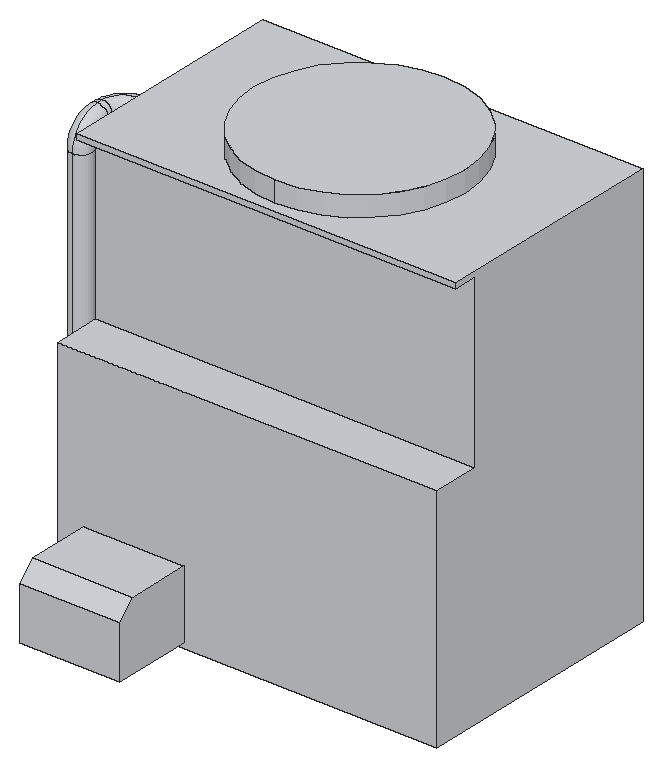
Revit family "M_冷卻塔 - 閉合電路 - 逆流 - 11-62 kW", category Attrezzatura meccanica, Revit 2017
Family settings
  Quota connettore circolare = Usa raggio
  Tipo di parte = Normale
  Numero OmniClass = 23.75.10.37.11
  Titolo OmniClass = Mechanical-Draft Cooling Towers
  Basato su piano di lavoro = No
  Sempre verticale = Sì
  Taglio con vuoti quando caricato = No
  Condiviso = No
  Punto di calcolo locali = No
Parameters (values of type "11 kW")
  電壓 = 460 V
  可見 2 = no
  可見 1 = yes
  塔材料 = none
  塔長度 = 1825 mm
  塔高度 = 2050 mm
  補給水壓力降 [instance] = 0.0 Pa
  負載分類 = 冷卻
  冷卻水壓力降 [instance] = 138000.0 Pa
  極數 = 3
  風機數 = 1
  馬達長度 = 385 mm
  馬達 HP = 5.75
  補給水流量 [instance] = 0.05 * 冷卻水流量 / 100  # 0.003785 L/s
  補給水半徑 = 25 mm
  補給水直徑 = 2 * 補給水半徑  # 50 mm
  長度 2 = 塔長度 / 3  # 608.333 mm
  長度 1 = 330 mm
  熱損失 [instance] = 10800 W
  風機風量 [instance] = 5710.0 L/s
  排水管半徑 = 50 mm
  排水管直徑 = 排水管半徑 * 2  # 100 mm
  距離 1 = 300 mm
  冷卻水半徑 = 冷卻水直徑 / 2  # 50 mm
  冷卻水流量 [instance] = 7.57 L/s
  冷卻水直徑 = 100 mm
  C1 偏移 1 = 580 mm
  表面負載 = 3600 VA
Types (14, lengths in mm): name | 可見 2 | 可見 1 | 塔長度 | 塔高度 | 冷卻水壓力降 | 風機數 | 馬達長度 | 馬達 HP | 補給水流量 | 長度 2 | 長度 1 | 熱損失 | 風機風量 | 距離 1 | 冷卻水流量 | C1 偏移 1 | 表面負載
  (no name) | no | yes | 1825 | 2050 | 138000.0 Pa | 1 | 385 | 5.75 | 0.003785 L/s | 608.333 | 330 | 10800 W | 5710.0 L/s | 300 | 7.57 L/s | 580 | 3600 VA
  27 kW | yes | no | 2720 | 2430 | 172000.0 Pa | 2 | 380 | 11 | 0.0057 L/s | 906.667 | 330 | 27000 W | 9060.0 L/s | 495 | 11.4 L/s | 580 | 6890 VA
  30 kW | yes | no | 3650 | 2240 | 207000.0 Pa | 2 | 485 | 11.5 | 0.00775 L/s | 1216.667 | 380 | 30200 W | 11200.0 L/s | 495 | 15.5 L/s | 580 | 7200 VA
  31 kW | yes | no | 2720 | 2620 | 172000.0 Pa | 2 | 380 | 11 | 0.0057 L/s | 906.667 | 330 | 30500 W | 8870.0 L/s | 495 | 11.4 L/s | 580 | 6890 VA
  36 kW | yes | no | 3650 | 2430 | 207000.0 Pa | 2 | 485 | 16.5 | 0.00775 L/s | 1216.667 | 380 | 36300 W | 12300.0 L/s | 495 | 15.5 L/s | 580 | 10300 VA
  41 kW | yes | no | 3650 | 2620 | 207000.0 Pa | 2 | 485 | 16.5 | 0.00775 L/s | 1216.667 | 380 | 41000 W | 12400.0 L/s | 495 | 15.5 L/s | 580 | 10300 VA
  45 kW | yes | yes | 5485 | 2240 | 241000.0 Pa | 3 | 485 | 17 | 0.0115 L/s | 1828.333 | 300 | 45400 W | 16900.0 L/s | 875 | 23.0 L/s | 580 | 10700 VA
  55 kW | yes | yes | 5485 | 2430 | 241000.0 Pa | 3 | 485 | 22 | 0.0115 L/s | 1828.333 | 300 | 55000 W | 18200.0 L/s | 875 | 23.0 L/s | 580 | 13800 VA
  62 kW | yes | yes | 5485 | 2620 | 241000.0 Pa | 3 | 485 | 22 | 0.0115 L/s | 1828.333 | 300 | 61800 W | 17800.0 L/s | 875 | 23.0 L/s | 580 | 1380000 VA
  11 kW | no | yes | 1825 | 2050 | 138000.0 Pa | 1 | 385 | 5.75 | 0.003785 L/s | 608.333 | 330 | 10800 W | 5710.0 L/s | 300 | 7.57 L/s | 580 | 3600 VA
  15 kW | no | yes | 1825 | 2240 | 138000.0 Pa | 1 | 380 | 5.75 | 0.003785 L/s | 608.333 | 330 | 14700 W | 5620.0 L/s | 300 | 7.57 L/s | 600 | 3600 VA
  18 kW | no | yes | 1825 | 2430 | 138000.0 Pa | 1 | 380 | 5.75 | 0.003785 L/s | 608.333 | 330 | 17900 W | 5520.0 L/s | 300 | 7.57 L/s | 630 | 3600 VA
  20 kW | no | yes | 1825 | 2620 | 138000.0 Pa | 1 | 380 | 8.25 | 0.003785 L/s | 608.333 | 330 | 19900 W | 6180.0 L/s | 300 | 7.57 L/s | 660 | 5170 VA
  22 kW | yes | no | 2725 | 2240 | 172000.0 Pa | 2 | 380 | 8.5 | 0.0057 L/s | 908.333 | 330 | 22300 W | 8400.0 L/s | 495 | 11.4 L/s | 580 | 5330 VA
Reference planes
  plane 1 "中心 (前/後)": y = 0
  plane 2: z = 0
  plane 3 "中心 (左/右)": x = 0
  plane 4: y = 1235.075
  plane 5: x = 1825
  plane 6: z = 2050
  plane 7: z = 1104.9
  plane 8: z = 1926.175
  plane 9: z = 1951.575
  plane 10: y = 228.6
  plane 11: y = 114.3
  plane 12: x = 127
  plane 13: x = 608.333
  plane 14: y = -385
  plane 15: z = 25.4
  plane 16: z = 127
  plane 17: z = 76.2
  plane 18: z = 228.6
  plane 19: z = 279.4
  plane 20: z = 431.8
  plane 21: z = 609.6
  plane 22: z = 355.6
  plane 23 "1": y = 1133.475
  plane 24: y = 736.6
  plane 25: x = -50.8
  plane 26: x = -330
  plane 27 "2": x = -228.4
  plane 28: x = -126.8
  plane 29: y = 655.075
  plane 30: y = 426.475
  plane 31: y = 528.075
  plane 32: z = 457.2
  plane 33 "3": z = 1773.775
  plane 34: z = 1672.175
  plane 35: y = 674.687
  plane 36: y = 553.475
  plane 37: z = 1282.7
  plane 38: z = 1582.7
  plane 39: x = 456.25
  plane 40: x = 912.5
  plane 41: x = 1368.75
  plane 42: z = 977.9
  plane 43: x = 1698
  plane 44: z = 836.083
  plane 45: z = 694.267
  plane 46: z = 552.45
  plane 47: z = 410.633
  plane 48: z = 268.817
  plane 49: y = -308.8
  plane 50: z = 663.575
  plane 51: y = 1285.875
Forms (mm)
  Extrusion 1, solid, material <- "塔材料"
    sketch origin (0, 0, 0) x (0, 1, 0) y (0, 0, 1)
      loop
        line (1235.075, 1951.575) -> (114.3, 1951.575) -> (114.3, 1926.175) -> (228.6, 1926.175) -> (228.6, 1104.9) -> (0, 1104.9) -> (0, 0) -> (1235.075, 0) -> (1235.075, 1951.575)
    from 1825 to 0
  Extrusion 2, solid, material <- "塔材料", detail levels medium+fine
    sketch origin (0, 0, 0) x (1, 0, 0) y (0, 1, 0)
      loop
        circle (-228.4, 1133.475) r 101.6
    from 279.4 to 431.8
  Extrusion 3, solid, material <- "塔材料", detail levels medium+fine
    sketch origin (0, 0, 0) x (1, 0, 0) y (0, 1, 0)
      loop
        circle (-228.4, 1133.475) r 76.2
    from 431.8 to 609.6
  Sweep 4, solid, material <- "塔材料", detail levels medium+fine
    path in 3D
      loop
        line (-228.4, 1133.475, 279.4) -> (-228.4, 1133.475, 228.6)
        arc (-228.4, 1133.475, 228.6) -> (-198.642, 1133.475, 156.758) -> (-126.8, 1133.475, 127) r 101.6
        line (-126.8, 1133.475, 127) -> (0, 1133.475, 127)
    profile origin (-63.4, 1133.475, 127) x (0, 0, 1) y (0, -1, 0)
      loop
        circle (0, 0) r 50.8
  Sweep 5, solid, material <- "塔材料", detail levels medium+fine
    path in 3D
      loop
        line (-228.4, 1133.475, 355.6) -> (-228.4, 528.075, 355.6)
        arc (-228.4, 528.075, 355.6) -> (-228.4, 456.233, 385.358) -> (-228.4, 426.475, 457.2) r 101.6
        line (-228.4, 426.475, 457.2) -> (-228.4, 426.475, 1672.175)
        arc (-228.4, 426.475, 1672.175) -> (-228.4, 456.233, 1744.017) -> (-228.4, 528.075, 1773.775) r 101.6
        line (-228.4, 528.075, 1773.775) -> (-228.4, 553.475, 1773.775)
        arc (-228.4, 553.475, 1773.775) -> (-198.642, 625.317, 1773.775) -> (-126.8, 655.075, 1773.775) r 101.6
        line (-126.8, 655.075, 1773.775) -> (0, 655.075, 1773.775)
    profile origin (-228.4, 830.775, 355.6) x (0, 0, -1) y (1, 0, 0)
      loop
        circle (0, 0) r 50.8
  Extrusion 6, solid, material <- "塔材料"
    sketch origin (-228.4, 0, 0) x (0, 1, 0) y (0, 0, 1)
      loop
        circle (655.075, 1282.7) r 50
      loop
        circle (655.075, 1582.7) r 50
    from -101.6 to 228.4
  Extrusion 7, solid, material <- "塔材料"
    sketch origin (-228.4, 0, 0) x (0, 1, 0) y (0, 0, 1)
      loop
        circle (736.6, 76.2) r 50
    from 177.6 to 228.4
  Extrusion 8, solid, material <- "塔材料"
    sketch origin (-228.4, 0, 0) x (0, 1, 0) y (0, 0, 1)
      loop
        line (0, 355.6) -> (-308.8, 355.6) -> (-385, 279.4) -> (-385, 25.4) -> (0, 25.4) -> (0, 355.6)
    from 355.4 to 836.733
  Extrusion 9, solid, material <- "塔材料"
    sketch origin (0, 0, 0) x (1, 0, 0) y (0, 0, 1)
      loop
        circle (127, 663.575) r 25
      loop
        circle (456.25, 836.083) r 228.6
    from -1235.075 to -1285.875
  Extrusion 10, solid, material <- "塔材料", visible <- "可見 2"
    sketch origin (0, 0, 1773.775) x (0, 1, 0) y (-1, 0, 0)
      loop
        circle (674.687, -456.25) r 508
    from 177.8 to 276.225
  Extrusion 11, solid, material <- "塔材料", visible <- "可見 2"
    sketch origin (0, 0, 1773.775) x (0, 1, 0) y (-1, 0, 0)
      loop
        circle (674.687, -1368.75) r 508
    from 177.8 to 276.225
  Extrusion 12, solid, material <- "塔材料", visible <- "可見 1"
    sketch origin (0, 0, 1773.775) x (0, 1, 0) y (-1, 0, 0)
      loop
        circle (674.687, -912.5) r 508
    from 177.8 to 276.225
Cuts and joins
  joined: Extrusion 2, Extrusion 3, Sweep 4, Sweep 5
  joined: Extrusion 1, Extrusion 6, Extrusion 7, Extrusion 8, Extrusion 9
Lines and regions (mm)
  reference lines
    curve 1: line (-228.4, 1133.475, 279.4) -> (-228.4, 1133.475, 228.6)
    curve 2: line (-126.8, 1133.475, 127) -> (0, 1133.475, 127)
    curve 3: arc (-228.4, 1133.475, 228.6) -> (-198.642, 1133.475, 156.758) -> (-126.8, 1133.475, 127) r 101.6
    curve 7: line (-228.4, 1133.475, 355.6) -> (-228.4, 528.075, 355.6)
    curve 8: arc (-228.4, 528.075, 355.6) -> (-228.4, 456.233, 385.358) -> (-228.4, 426.475, 457.2) r 101.6
    curve 9: line (-228.4, 426.475, 457.2) -> (-228.4, 426.475, 1672.175)
    curve 10: arc (-228.4, 426.475, 1672.175) -> (-228.4, 456.233, 1744.017) -> (-228.4, 528.075, 1773.775) r 101.6
    curve 11: line (-228.4, 528.075, 1773.775) -> (-228.4, 553.475, 1773.775)
    curve 12: arc (-228.4, 553.475, 1773.775) -> (-198.642, 625.317, 1773.775) -> (-126.8, 655.075, 1773.775) r 101.6
    curve 13: line (-126.8, 655.075, 1773.775) -> (0, 655.075, 1773.775)
  sketch lines
    curve 4: line (-126.8, 1133.475, 127) -> (0, 1133.475, 127)
    curve 5: arc (-228.4, 1133.475, 228.6) -> (-198.642, 1133.475, 156.758) -> (-126.8, 1133.475, 127) r 101.6
    curve 6: line (-228.4, 1133.475, 279.4) -> (-228.4, 1133.475, 228.6)
    curve 14: line (-228.4, 1133.475, 355.6) -> (-228.4, 528.075, 355.6)
    curve 15: arc (-228.4, 528.075, 355.6) -> (-228.4, 456.233, 385.358) -> (-228.4, 426.475, 457.2) r 101.6
    curve 16: line (-228.4, 426.475, 457.2) -> (-228.4, 426.475, 1672.175)
    curve 17: arc (-228.4, 426.475, 1672.175) -> (-228.4, 456.233, 1744.017) -> (-228.4, 528.075, 1773.775) r 101.6
    curve 18: arc (-228.4, 553.475, 1773.775) -> (-198.642, 625.317, 1773.775) -> (-126.8, 655.075, 1773.775) r 101.6
    curve 19: line (-126.8, 655.075, 1773.775) -> (0, 655.075, 1773.775)
    curve 20: line (-228.4, 528.075, 1773.775) -> (-228.4, 553.475, 1773.775)
  model lines, detail levels medium+fine
    curve 21: line (127, 0, 977.9) -> (1698, 0, 977.9)
    curve 22: line (127, 0, 127) -> (127, 0, 977.9)
    curve 23: line (1698, 0, 127) -> (127, 0, 127)
    curve 24: line (1698, 0, 977.9) -> (1698, 0, 127)
    curve 25: line (127, 0, 836.083) -> (1698, 0, 836.083)
    curve 26: line (1698, 0, 694.267) -> (127, 0, 694.267)
    curve 27: line (1698, 0, 552.45) -> (127, 0, 552.45)
    curve 28: line (1698, 0, 410.633) -> (127, 0, 410.633)
    curve 29: line (1698, 0, 268.817) -> (127, 0, 268.817)
Dimensions and locks
  "塔長度": plane 3 "中心 (左/右)" to plane 5
  locked: plane 1 "中心 (前/後)" to plane 4 at 1235.075
  "塔高度": plane 6 to plane 2
  locked: plane 7 to plane 2 at 1104.9
  locked: plane 6 to plane 8 at 123.825
  locked: plane 9 to plane 8 at 25.4
  locked: plane 10 to plane 1 "中心 (前/後)" at 228.6
  equal spacing: plane 1 "中心 (前/後)", plane 11, plane 10
  locked: plane 3 "中心 (左/右)" to plane 12 at 127
  "長度 2": plane 3 "中心 (左/右)" to plane 13
  "馬達長度": plane 1 "中心 (前/後)" to plane 14
  locked: plane 15 to plane 2 at 25.4
  locked: plane 16 to plane 2 at 127
  locked: plane 16 to plane 17 at 50.8
  locked: plane 18 to plane 16 at 101.6
  locked: plane 19 to plane 18 at 50.8
  locked: plane 20 to plane 19 at 152.4
  locked: plane 21 to plane 20 at 177.8
  equal spacing: plane 20, plane 22, plane 19
  locked: plane 4 to plane 23 "1" at 101.6
  locked: plane 4 to plane 24 at 498.475
  locked: plane 25 to plane 3 "中心 (左/右)" at 50.8
  "長度 1": plane 26 to plane 3 "中心 (左/右)"
  locked: plane 26 to plane 27 "2" at 101.6
  locked: plane 27 "2" to plane 28 at 101.6
  "C1 偏移 1": plane 4 to plane 29
  locked: plane 29 to plane 30 at 228.6
  locked: plane 31 to plane 30 at 101.6
  locked: plane 32 to plane 22 at 101.6
  locked: plane 8 to plane 33 "3" at 152.4
  locked: plane 33 "3" to plane 34 at 101.6
  equal spacing: plane 4, plane 35, plane 11
  locked: plane 29 to plane 36 at 101.6
  locked: plane 37 to plane 7 at 177.8
  "距離 1": plane 38 to plane 37
  equal spacing: plane 3 "中心 (左/右)", plane 39, plane 40, plane 41, plane 5
  locked: plane 43 to plane 5 at 127
  locked: plane 7 to plane 42 at 127
  equal spacing: plane 42, plane 44, plane 45, plane 46, plane 47, plane 48, plane 16
  locked: plane 49 to plane 14 at 76.2
  locked: plane 50 to plane 2 at 663.575
  locked: plane 51 to plane 4 at 50.8
  radius of Extrusion 2 sketch curve = 101.6 mm
  radius of Extrusion 3 sketch curve = 76.2 mm
  radius of curve 3 = 101.6 mm
  radius of Sweep 4 sketch curve = 50.8 mm
  radius of curve 8 = 101.6 mm
  radius of curve 10 = 101.6 mm
  radius of curve 12 = 101.6 mm
  radius of Sweep 5 sketch curve = 50.8 mm
  "冷卻水半徑": radius of Extrusion 6 sketch curve  (x2)
  "排水管半徑": radius of Extrusion 7 sketch curve
  "補給水半徑": radius of Extrusion 9 sketch curve
  radius of Extrusion 9 sketch curve = 228.6 mm
  radius of Extrusion 10 sketch curve = 508 mm
  radius of Extrusion 11 sketch curve = 508 mm
  radius of Extrusion 12 sketch curve = 508 mm
  aligned and locked: plane 4 to Extrusion 1 sketch curve
  aligned and locked: Extrusion 1 sketch curve to plane 8
  aligned and locked: Extrusion 1 sketch curve to plane 10
  aligned and locked: plane 7 to Extrusion 1 sketch curve
  aligned and locked: plane 1 "中心 (前/後)" to Extrusion 1 sketch curve
  aligned and locked: Extrusion 1 sketch curve to plane 2
  aligned and locked: plane 5 to Extrusion 1
  aligned and locked: Extrusion 1 to plane 3 "中心 (左/右)"
  aligned and locked: plane 11 to Extrusion 1 sketch curve
  aligned and locked: plane 27 "2" to Extrusion 2 sketch curve
  aligned and locked: plane 23 "1" to Extrusion 2 sketch curve
  aligned and locked: plane 20 to Extrusion 2
  aligned and locked: Extrusion 2 to plane 19
  aligned and locked: plane 27 "2" to Extrusion 3 sketch curve
  aligned and locked: plane 23 "1" to Extrusion 3 sketch curve
  aligned and locked: Extrusion 3 to plane 21
  aligned and locked: Extrusion 3 to plane 20
  aligned and locked: plane 28 to curve 3
  aligned and locked: plane 18 to curve 3
  aligned and locked: plane 31 to curve 8
  aligned and locked: plane 32 to curve 8
  aligned and locked: plane 31 to curve 10
  aligned and locked: plane 34 to curve 10
  aligned and locked: plane 29 to Extrusion 6 sketch curve  (x2)
  aligned and locked: plane 37 to Extrusion 6 sketch curve
  aligned and locked: plane 38 to Extrusion 6 sketch curve
  aligned and locked: Extrusion 6 to plane 26
  aligned and locked: plane 3 "中心 (左/右)" to Extrusion 6
  aligned and locked: plane 24 to Extrusion 7 sketch curve
  aligned and locked: plane 17 to Extrusion 7 sketch curve
  aligned and locked: Extrusion 7 to plane 25
  aligned and locked: plane 3 "中心 (左/右)" to Extrusion 7
  aligned and locked: plane 12 to curve 21
  aligned and locked: curve 21 to plane 42
  aligned and locked: plane 16 to curve 24
  aligned and locked: curve 24 to plane 43
  aligned and locked: curve 24 to curve 26
  aligned and locked: curve 26 to plane 45
  aligned and locked: plane 46 to curve 27
  aligned and locked: curve 28 to plane 47
  aligned and locked: plane 48 to curve 29
  aligned and locked: plane 1 "中心 (前/後)" to Extrusion 8 sketch curve
  aligned and locked: Extrusion 8 sketch curve to plane 22
  aligned and locked: Extrusion 8 sketch curve to plane 14
  aligned and locked: plane 15 to Extrusion 8 sketch curve
  aligned and locked: plane 19 to Extrusion 8 sketch curve
  aligned and locked: plane 49 to Extrusion 8 sketch curve
  aligned and locked: plane 13 to Extrusion 8
  aligned and locked: Extrusion 8 to plane 12
  aligned and locked: plane 50 to Extrusion 9 sketch curve
  aligned and locked: plane 12 to Extrusion 9 sketch curve
  aligned and locked: plane 39 to Extrusion 9 sketch curve
  aligned and locked: plane 44 to Extrusion 9 sketch curve
  aligned and locked: plane 51 to Extrusion 9
  aligned and locked: Extrusion 9 to plane 4
  aligned and locked: plane 39 to Extrusion 10 sketch curve
  aligned and locked: plane 35 to Extrusion 10 sketch curve
  aligned and locked: plane 41 to Extrusion 11 sketch curve
  aligned and locked: plane 35 to Extrusion 11 sketch curve
  aligned and locked: plane 40 to Extrusion 12 sketch curve
  aligned and locked: plane 35 to Extrusion 12 sketch curve
  aligned and locked: plane 6 to Extrusion 10
  aligned and locked: Extrusion 10 to plane 9
  aligned and locked: plane 6 to Extrusion 12
  aligned and locked: Extrusion 12 to plane 9
  aligned and locked: plane 6 to Extrusion 11
  aligned and locked: Extrusion 11 to plane 9
Automatic sketch dimensions
  Extrusion 1 sketch curve to plane 9 = 0 mm
  curve 2 to plane 3 "中心 (左/右)" = 0 mm
  curve 1 to plane 19 = 0 mm
  Sweep 4 sketch curve to profile plane = 0 mm  (x2)
  curve 11 to plane 36 = 0 mm
  curve 7 to plane 23 "1" = 0 mm
  curve 12 to plane 27 "2" = 0 mm
  curve 12 to plane 36 = 0 mm
  curve 13 to plane 3 "中心 (左/右)" = 0 mm
  Sweep 5 sketch curve to profile plane = 0 mm  (x2)
  curve 25 to plane 44 = 0 mm
Connectors
  piping at (-330, 655.075, 1582.7), diameter 100, driven by "冷卻水半徑", driven by "冷卻水壓力降", driven by "冷卻水流量"
    settings: on cut or joined group of Extrusion 1, Extrusion 6, Extrusion 7, Extrusion 8, Extrusion 9, index 1, connector inside diameter 100 mm, connector length 0 mm, flow factor 0, pipe flow 7.57 L/s, pressure drop 138000.0 Pa, fitting loss kfactor 0, connector angle 0.00°, fixture units 0, engagement length 0 mm, angle of deflection 0.00°, flow configuration 0, flow direction 2, fitting loss method 4, system type 7, joint type 0, gender type 0, connector reference index 2, connector utility 0, adjustable connector no, is connector primary yes, connector description "冷凝器水出口"
  piping at (-330, 655.075, 1282.7), diameter 100, driven by "冷卻水流量", driven by "冷卻水半徑"
    settings: on cut or joined group of Extrusion 1, Extrusion 6, Extrusion 7, Extrusion 8, Extrusion 9, index 2, connector inside diameter 100 mm, connector length 0 mm, flow factor 0, pipe flow 7.57 L/s, pressure drop 0.0 Pa, fitting loss kfactor 0, connector angle 0.00°, fixture units 0, engagement length 0 mm, angle of deflection 0.00°, flow configuration 0, flow direction 1, fitting loss method 0, system type 8, joint type 0, gender type 0, connector reference index 1, connector utility 0, adjustable connector no, is connector primary no, connector description "冷凝器水入口"
  piping at (127, 1285.875, 663.575), diameter 50, driven by "補給水半徑", driven by "補給水流量", driven by "補給水壓力降"
    settings: on cut or joined group of Extrusion 1, Extrusion 6, Extrusion 7, Extrusion 8, Extrusion 9, index 3, connector inside diameter 50 mm, connector length 0 mm, flow factor 0, pipe flow 0.003785 L/s, pressure drop 0.0 Pa, fitting loss kfactor 0, connector angle 0.00°, fixture units 0, engagement length 0 mm, angle of deflection 0.00°, flow configuration 1, flow direction 1, fitting loss method 4, system type 20, joint type 0, gender type 0, connector reference index -1, connector utility 0, adjustable connector no, is connector primary no, connector description "補給水入口"
  piping at (-50.8, 736.6, 76.2), diameter 100, driven by "排水管半徑"
    settings: on cut or joined group of Extrusion 1, Extrusion 6, Extrusion 7, Extrusion 8, Extrusion 9, index 4, connector inside diameter 100 mm, connector length 0 mm, flow factor 0, pipe flow 0.0 L/s, pressure drop 0.0 Pa, fitting loss kfactor 0, connector angle 0.00°, fixture units 0, engagement length 0 mm, angle of deflection 0.00°, flow configuration 1, flow direction 2, fitting loss method 0, system type 16, joint type 0, gender type 0, connector reference index -1, connector utility 0, adjustable connector yes, is connector primary no, connector description "排水管出口"
  electrical at (127, -215.76, 208.28), driven by "表面負載", driven by "電壓", driven by "極數", driven by "負載分類"
    settings: on cut or joined group of Extrusion 1, Extrusion 6, Extrusion 7, Extrusion 8, Extrusion 9, index 5, voltage 460 V, apparent load 3600 VA, apparent load phase1 0 VA, apparent load phase2 0 VA, apparent load phase3 0 VA, power factor 0.8, load classification "冷卻", number of poles 3, system type 30, power factor state 1, is connector primary yes, connector utility no, sub classification motor no, connector description ""
